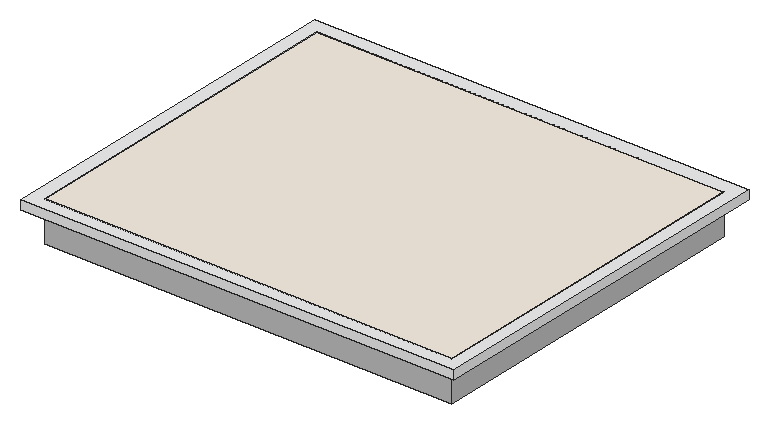
Revit family "Lighting-Industriale-GEWISS-ELIA-HL-LED_RIFLETTORE", category Apparecchi per illuminazione, host Superficie, Revit 2019 (continued)
Types (12, lengths in mm): name | Tensione | Scheda Tecnica | Potenza di sistema | Peso (kg): | Peso (kg) | Ottica | built-in parameter 1150142 | Lumen output (lm) | Modello | IDT | File diagramma fotometrico | Description
     436.18 \r\n410.76 386.96 364.36 342.97 323.07 304.10 285.68 267.10 \r\n246.81 226.65 208.11 190.53 173.87 157.85 142.13 126.90 \r\n112.25 98.18 84.63 71.80 59.88 48.88 38.80 29.70 21.44 \r\n14.57 9.76 6.59 4.86 4.63 \r\n13471.52 13472.86 13475.55 13478.24 13482.28 13486.31 \r\n13493.04 13501.11 13509.18 13518.59 13528.01 13538.77 \r\n13550.87 13562.98 13577.77 13589.88 13603.33 13619.47 \r\n13634.26 13650.40 13666.54 13682.68 13697.48 13710.93 \r\n13727.07 13741.86 13755.31 13768.76 13779.52 13791.63 \r\n13801.04 13810.46 13817.18 13822.56 13823.91 13823.91 \r\n13819.87 13813.15 13805.08 13791.63 13776.83 13758.00 \r\n13736.48 13712.27 13682.68 13651.75 13616.78 13577.77 \r\n13533.39 13486.31 13435.20 13380.06 13318.19 13253.63 \r\n13181.00 13104.33 13019.60 12928.14 12828.61 12719.66 \r\n12601.30 12474.87 12337.68 12191.08 12032.37 11864.24 \r\n11686.70 11502.44 11306.07 11098.94 10874.32 10628.19 \r\n10360.53 10071.36 9768.73 9471.49 9172.90 8875.65 8582.44 \r\n8297.30 8021.58 7753.92 7497.03 7245.51 7004.76 6780.14 \r\n6568.98 6365.89 6166.82 5973.15 5783.50 5592.51 5405.55 \r\n5225.32 5051.82 4885.04 4723.64 4564.93 4411.60 4260.96 \r\n4118.39 3981.20 3848.05 3714.89 3585.77 3460.68 3339.63 \r\n3222.62 3108.29 2993.97 2879.64 2766.66 2655.43 2546.49 \r\n2440.37 2338.01 2238.48 2140.70 2047.22 1960.07 1878.83 \r\n1804.18 1734.78 1669.41 1606.87 1546.48 1486.76 1425.57 \r\n1364.91 1305.86 1247.49 1188.04 1130.47 1078.15 1027.98 \r\n976.47 926.57 880.17 836.59 796.11 757.77 720.65 684.60 \r\n649.50 615.47 583.06 551.99 521.86 492.81 463.22 434.97 \r\n409.82 386.28 363.69 342.44 322.53 303.57 285.01 266.11 \r\n245.79 225.70 207.41 190.09 173.49 157.46 141.74 126.52 \r\n111.94 97.94 84.44 71.66 59.77 48.78 38.72 29.66 21.44 \r\n14.61 9.81 6.64 4.89 4.64 \r\n13471.52 13472.86 13475.55 13478.24 13482.28 13486.31 \r\n13493.04 13501.11 13509.18 13518.59 13528.01 13538.77 \r\n13550.87 13561.63 13576.43 13589.88 13603.33 13618.12 \r\n13634.26 13649.06 13665.20 13679.99 13696.13 13710.93 \r\n13725.72 13740.52 13753.97 13767.42 13779.52 13790.28 \r\n13801.04 13809.11 13817.18 13822.56 13823.91 13823.91 \r\n13821.22 13814.49 13806.42 13794.32 13779.52 13762.04 \r\n13740.52 13716.31 13688.06 13657.13 13623.50 13584.50 \r\n13540.11 13494.38 13443.27 13389.47 13327.60 13264.39 \r\n13193.10 13116.44 13033.05 12941.59 12843.40 12735.80 \r\n12620.13 12495.05 12357.86 12211.25 12055.23 11888.45 \r\n11712.26 11526.65 11331.62 11124.49 10903.91 10659.12 \r\n10392.81 10102.29 9799.67 9501.08 9201.14 8903.90 8609.34 \r\n8318.82 8039.06 7768.72 7507.79 7254.93 7012.83 6786.87 \r\n6573.01 6367.23 6169.51 5975.84 5788.88 5596.55 5408.24 \r\n5223.98 5047.78 4881.00 4720.95 4560.90 4406.22 4256.93 \r\n4113.01 3974.47 3841.32 3708.16 3580.39 3455.30 3335.60 \r\n3218.59 3104.26 2991.28 2878.30 2765.32 2653.28 2542.99 \r\n2435.39 2331.83 2231.76 2135.05 2043.06 1956.44 1875.47 \r\n1800.95 1731.15 1665.65 1602.97 1542.18 1482.32 1421.26 \r\n1360.60 1301.56 1243.18 1184.00 1126.84 1075.46 1025.70 \r\n974.18 924.01 877.48 833.90 793.95 756.16 719.17 683.39 \r\n648.02 613.86 581.85 551.18 521.19 492.00 462.14 433.76 \r\n408.75 385.48 363.28 342.03 322.13 303.03 284.06 265.05 \r\n244.72 224.76 206.74 189.67 173.10 157.06 141.35 126.16 \r\n111.65 97.73 84.28 71.55 59.68 48.70 38.68 29.64 21.46 \r\n14.67 9.87 6.69 4.93 4.66 \r\n13471.52 13472.86 13475.55 13478.24 13482.28 13486.31 \r\n13493.04 13501.11 13509.18 13517.25 13528.01 13537.42 \r\n13549.53 13561.63 13576.43 13589.88 13601.98 13618.12 \r\n13632.92 13647.71 13663.85 13678.65 13694.79 13709.58 \r\n13724.38 13739.17 13753.97 13766.07 13778.18 13790.28 \r\n13801.04 13809.11 13817.18 13821.22 13825.25 13825.25 \r\n13822.56 13815.84 13807.77 13797.01 13783.56 13764.73 \r\n13745.90 13720.34 13693.44 13662.51 13628.88 13589.88 \r\n13548.18 13501.11 13450.00 13396.20 13337.02 13273.80 \r\n13203.86 13127.20 13045.15 12955.04 12858.20 12751.94 \r\n12637.62 12512.53 12378.03 12231.43 12078.10 11911.32 \r\n11735.12 11550.86 11357.18 11152.74 10929.47 10687.37 \r\n10422.40 10133.23 9831.95 9532.01 9230.73 8932.14 8636.24 \r\n8341.69 8053.86 7782.17 7521.24 7264.34 7020.90 6792.25 \r\n6575.70 6368.57 6172.20 5979.87 5791.57 5599.23 5409.59 \r\n5223.98 5045.10 4879.66 4719.60 4558.20 4400.84 4251.55 \r\n4107.63 3970.44 3837.28 3704.13 3576.35 3452.61 3331.56 \r\n3215.89 3102.91 2989.93 2876.95 2763.97 2651.94 2540.17 \r\n2431.09 2326.31 2225.71 2130.08 2039.42 1953.48 1872.64 \r\n1798.00 1728.19 1662.29 1599.34 1538.14 1477.89 1416.96 \r\n1356.43 1297.25 1238.74 1179.97 1123.34 1072.64 1023.54 \r\n971.90 921.73 875.19 831.75 791.94 754.54 717.83 681.91 \r\n646.54 612.38 580.77 550.37 520.65 491.33 461.20 432.69 \r\n407.80 384.94 362.88 341.63 321.72 302.49 283.26 263.97 \r\n243.69 223.90 206.12 189.27 172.71 156.64 140.94 125.80 \r\n111.37 97.53 84.16 71.47 59.64 48.66 38.66 29.63 21.50 \r\n14.74 9.94 6.74 4.97 4.67 \r\n13471.52 13472.86 13475.55 13478.24 13482.28 13486.31 \r\n13493.04 13501.11 13507.83 13517.25 13525.32 13537.42 \r\n13548.18 13561.63 13575.08 13588.53 13601.98 13616.78 \r\n13631.57 13647.71 13662.51 13678.65 13693.44 13709.58 \r\n13724.38 13737.83 13751.28 13764.73 13778.18 13788.94 \r\n13799.70 13809.11 13817.18 13822.56 13823.91 13825.25 \r\n13823.91 13817.18 13810.46 13799.70 13784.90 13768.76 \r\n13748.59 13724.38 13697.48 13667.89 13634.26 13596.60 \r\n13554.91 13509.18 13458.07 13404.27 13346.43 13283.22 \r\n13214.62 13140.65 13058.60 12968.49 12872.99 12769.43 \r\n12653.76 12531.36 12396.86 12252.95 12098.27 11932.84 \r\n11757.99 11575.07 11382.73 11176.95 10956.37 10714.27 \r\n10451.99 10164.16 9861.54 9560.26 9257.63 8959.04 8661.80 \r\n8361.86 8072.69 7795.62 7530.65 7273.76 7027.62 6797.63 \r\n6579.74 6371.26 6172.20 5981.21 5794.26 5601.92 5409.59 \r\n5222.64 5042.40 4876.97 4716.91 4555.51 4399.49 4248.85 \r\n4104.94 3966.40 3834.60 3701.44 3573.66 3449.92 3328.88 \r\n3214.55 3101.57 2989.93 2876.95 2763.97 2651.26 2538.15 \r\n2427.46 2321.60 2220.59 2125.91 2036.20 1950.92 1870.49 \r\n1795.71 1725.63 1659.33 1595.98 1534.51 1473.85 1412.92 \r\n1352.53 1293.22 1234.71 1176.20 1119.98 1069.81 1021.26 \r\n969.74 919.44 872.91 829.60 790.05 752.80 716.35 680.70 \r\n645.20 611.03 579.56 549.57 519.84 490.52 460.39 431.75 \r\n407.13 384.54 362.34 341.23 321.32 301.95 282.45 262.93 \r\n242.75 223.14 205.58 188.92 172.35 156.22 140.55 125.45 \r\n111.10 97.34 84.04 71.42 59.60 48.66 38.66 29.64 21.55 \r\n14.83 10.02 6.80 5.00 4.69 \r\n13471.52 13472.86 13475.55 13478.24 13482.28 13486.31 \r\n13493.04 13501.11 13507.83 13517.25 13525.32 13536.08 \r\n13548.18 13561.63 13573.74 13587.19 13601.98 13615.43 \r\n13630.23 13645.02 13661.16 13675.96 13693.44 13706.89 \r\n13721.69 13736.48 13751.28 13764.73 13775.49 13788.94 \r\n13798.35 13807.77 13815.84 13822.56 13823.91 13825.25 \r\n13823.91 13819.87 13810.46 13801.04 13787.59 13771.45 \r\n13751.28 13728.41 13701.51 13673.27 13640.99 13601.98 \r\n13560.29 13514.56 13464.79 13410.99 13354.50 13292.63 \r\n13224.04 13150.06 13069.36 12981.94 12886.44 12784.22 \r\n12671.24 12547.50 12414.35 12271.78 12118.45 11954.36 \r\n11780.85 11597.93 11405.60 11201.16 10981.92 10741.17 \r\n10481.58 10193.75 9892.47 9589.85 9285.88 8984.60 8686.01 \r\n8383.38 8087.48 7807.72 7541.41 7281.83 7034.35 6801.66 \r\n6582.43 6372.61 6172.20 5982.56 5795.60 5603.27 5409.59 \r\n5221.29 5041.06 4874.28 4715.57 4554.17 4396.80 4246.16 \r\n4102.25 3965.06 3831.90 3701.44 3573.66 3448.58 3328.88 \r\n3213.20 3101.57 2989.93 2876.95 2763.97 2651.26 2537.07 \r\n2425.03 2318.11 2216.69 2122.54 2033.91 1949.17 1869.01 \r\n1794.23 1723.75 1656.91 1593.15 1531.01 1470.22 1409.29 \r\n1348.90 1289.32 1230.67 1172.57 1116.89 1067.12 1018.84 \r\n967.59 917.42 871.16 827.71 788.44 751.18 714.87 679.49 \r\n643.85 609.69 578.48 548.63 519.04 489.71 459.59 430.80 \r\n406.32 384.00 361.94 340.96 320.92 301.41 281.78 262.01 \r\n241.94 222.54 205.15 188.61 172.04 155.86 140.19 125.14 \r\n110.85 97.18 83.94 71.38 59.61 48.68 38.67 29.66 21.61 \r\n14.93 10.11 6.86 5.05 4.71 \r\n13471.52 13472.86 13475.55 13478.24 13482.28 13486.31 \r\n13493.04 13501.11 13507.83 13517.25 13526.66 13536.08 \r\n13548.18 13561.63 13573.74 13587.19 13600.64 13615.43 \r\n13630.23 13645.02 13658.47 13675.96 13692.10 13706.89 \r\n13720.34 13736.48 13749.93 13763.38 13775.49 13787.59 \r\n13798.35 13806.42 13814.49 13821.22 13823.91 13825.25 \r\n13823.91 13819.87 13810.46 13802.39 13788.94 13771.45 \r\n13752.62 13731.10 13704.20 13677.30 13645.02 13606.02 \r\n13565.67 13519.94 13471.52 13420.41 13362.57 13300.70 \r\n13234.80 13160.82 13081.47 12994.04 12901.24 12797.67 \r\n12686.04 12563.64 12431.83 12289.26 12137.28 11974.53 \r\n11801.03 11619.45 11428.46 11225.37 11007.48 10769.41 \r\n10511.17 10226.03 9927.44 9619.44 9310.09 9006.12 8703.49 \r\n8399.52 8100.93 7821.17 7549.48 7288.55 7038.38 6804.35 \r\n6583.77 6372.61 6172.20 5977.18 5788.88 5595.20 5405.55 \r\n5219.94 5041.06 4875.63 4716.91 4556.86 4402.18 4252.89 \r\n4107.63 3969.10 3835.94 3704.13 3576.35 3452.61 3331.56 \r\n3217.24 3104.26 2992.63 2879.64 2765.32 2652.74 2537.75 \r\n2425.44 2319.32 2218.58 2123.76 2034.18 1949.58 1869.68 \r\n1794.63 1723.62 1656.10 1591.40 1528.86 1467.66 1406.60 \r\n1346.21 1286.76 1228.12 1170.15 1114.60 1064.70 1016.42 \r\n965.58 915.81 869.81 826.77 787.09 749.70 713.12 677.61 \r\n642.37 608.34 577.00 546.88 517.15 487.97 458.24 430.13 \r\n405.79 383.46 361.67 340.55 320.51 300.74 281.10 261.64 \r\n241.83 222.65 205.26 188.62 171.93 155.66 139.99 124.95 \r\n110.71 97.10 83.93 71.41 59.66 48.77 38.76 29.72 21.71 \r\n15.05 10.21 6.93 5.09 4.73 \r\n13471.52 13472.86 13475.55 13478.24 13482.28 13487.66 \r\n13491.69 13499.76 13507.83 13515.90 13525.32 13536.08 \r\n13546.84 13560.29 13572.39 13585.84 13600.64 13614.09 \r\n13628.88 13643.68 13658.47 13674.61 13690.75 13705.55 \r\n13719.00 13735.14 13748.59 13762.04 13774.14 13786.25 \r\n13797.01 13806.42 13813.15 13819.87 13822.56 13825.25 \r\n13823.91 13819.87 13811.80 13802.39 13790.28 13774.14 \r\n13755.31 13732.45 13706.89 13678.65 13647.71 13611.40 \r\n13569.70 13526.66 13478.24 13427.13 13370.64 13308.77 \r\n13242.87 13170.24 13090.88 13006.15 12912.00 12809.78 \r\n12699.49 12578.44 12447.97 12305.40 12153.42 11992.02 \r\n11821.20 11639.63 11447.29 11248.23 11030.34 10794.97 \r\n10539.42 10256.97 9959.72 9649.03 9332.95 9026.29 8720.98 \r\n8412.97 8114.38 7831.93 7558.90 7293.93 7042.42 6807.04 \r\n6585.12 6373.95 6170.86 5973.15 5779.46 5587.13 5397.48 \r\n5215.91 5039.71 4875.63 4716.91 4560.90 4407.56 4258.27 \r\n4114.35 3975.82 3842.66 3709.51 3581.74 3456.65 3336.94 \r\n3221.27 3109.64 2995.31 2882.34 2768.01 2654.49 2539.36 \r\n2426.92 2321.60 2221.54 2125.64 2034.99 1950.52 1871.03 \r\n1795.71 1724.16 1655.69 1590.19 1527.11 1465.65 1404.45 \r\n1344.06 1284.47 1225.97 1168.13 1112.72 1062.42 1013.73 \r\n963.56 914.60 869.00 826.10 786.02 747.95 711.37 676.00 \r\n640.89 607.00 575.39 545.13 515.27 485.95 457.03 429.46 \r\n405.38 382.92 361.27 340.28 320.11 300.20 280.70 261.41 \r\n241.88 222.93 205.49 188.70 171.89 155.54 139.83 124.79 \r\n110.60 97.03 83.91 71.43 59.74 48.86 38.84 29.81 21.80 \r\n15.16 10.31 7.01 5.14 4.76 \r\n13471.52 13472.86 13475.55 13478.24 13482.28 13487.66 \r\n13493.04 13499.76 13506.49 13515.90 13525.32 13534.73 \r\n13546.84 13558.94 13572.39 13585.84 13599.29 13612.74 \r\n13627.54 13642.33 13657.13 13673.27 13689.41 13702.86 \r\n13717.65 13733.79 13747.24 13760.69 13774.14 13784.90 \r\n13795.66 13805.08 13811.80 13818.53 13821.22 13823.91 \r\n13822.56 13818.53 13811.80 13802.39 13790.28 13774.14 \r\n13756.66 13735.14 13709.58 13681.34 13650.40 13615.43 \r\n13575.08 13530.70 13484.97 13433.86 13377.37 13318.19 \r\n13252.28 13179.65 13101.64 13016.91 12924.10 12823.23 \r\n12711.59 12591.89 12462.77 12322.89 12170.90 12010.85 \r\n11838.69 11658.46 11466.12 11267.06 11053.21 10819.18 \r\n10566.32 10286.56 9990.66 9675.93 9355.82 9043.78 8735.77 \r\n8427.77 8126.49 7841.35 7566.97 7299.31 7045.11 6809.73 \r\n6586.46 6373.95 6169.51 5967.76 5770.05 5577.71 5390.76 \r\n5211.88 5041.06 4875.63 4718.26 4564.93 4412.94 4264.99 \r\n4122.43 3983.89 3848.05 3714.89 3585.77 3462.03 3342.32 \r\n3226.65 3113.67 2999.35 2885.02 2770.70 2656.91 2541.24 \r\n2428.80 2324.56 2225.03 2128.19 2036.46 1952.00 1872.78 \r\n1797.19 1725.10 1655.69 1589.25 1525.90 1464.17 1402.70 \r\n1342.31 1282.59 1224.08 1166.25 1110.97 1060.13 1011.31 \r\n961.67 913.52 868.47 825.70 785.21 746.61 709.76 674.25 \r\n639.55 605.92 574.05 543.38 513.39 484.33 455.82 429.05 \r\n404.98 382.65 360.86 340.02 319.57 299.67 280.30 261.32 \r\n242.10 223.36 205.81 188.82 171.88 155.43 139.71 124.68 \r\n110.52 96.99 83.90 71.46 59.83 48.98 38.94 29.89 21.90 \r\n15.28 10.41 7.08 5.19 4.78 \r\n13471.52 13472.86 13475.55 13478.24 13482.28 13487.66 \r\n13493.04 13499.76 13506.49 13515.90 13525.32 13536.08 \r\n13545.49 13558.94 13571.05 13584.50 13597.95 13612.74 \r\n13626.19 13640.99 13655.78 13670.58 13688.06 13701.51 \r\n13717.65 13731.10 13745.90 13759.35 13772.80 13783.56 \r\n13794.32 13803.73 13811.80 13817.18 13821.22 13822.56 \r\n13821.22 13817.18 13811.80 13802.39 13791.63 13775.49 \r\n13758.00 13735.14 13710.93 13684.03 13653.09 13618.12 \r\n13579.12 13536.08 13489.00 13437.89 13384.09 13324.91 \r\n13260.35 13189.07 13111.06 13027.67 12934.86 12833.99 \r\n12722.35 12605.34 12477.56 12337.68 12185.70 12025.64 \r\n11854.83 11674.60 11483.61 11284.55 11073.38 10842.04 \r\n10590.53 10314.80 10020.25 9701.48 9374.65 9059.92 \r\n8749.22 8439.87 8137.25 7848.07 7572.35 7303.35 7047.80 \r\n6812.42 6589.15 6375.30 6168.17 5962.39 5761.98 5569.65 \r\n5385.38 5209.18 5041.06 4876.97 4719.60 4567.62 4419.67 \r\n4271.72 4129.15 3990.61 3854.77 3721.61 3591.15 3467.41 \r\n3347.70 3232.03 3119.05 3002.04 2887.71 2773.39 2659.20 \r\n2543.66 2431.36 2327.79 2228.80 2131.02 2037.94 1953.61 \r\n1874.53 1798.80 1726.17 1656.10 1588.85 1524.83 1462.96 \r\n1401.36 1340.83 1281.11 1222.61 1164.77 1109.22 1057.98 \r\n1008.88 959.93 912.45 867.93 825.56 784.54 745.40 708.28 \r\n672.90 638.47 604.98 572.97 541.90 511.77 482.72 455.01 \r\n428.92 404.98 382.38 360.73 339.88 319.30 299.26 280.16 \r\n261.33 242.44 223.90 206.20 188.99 171.90 155.36 139.61 \r\n124.61 110.46 96.95 83.90 71.50 59.89 49.08 39.02 29.94 \r\n21.98 15.39 10.50 7.14 5.24 4.80 \r\n13471.52 13472.86 13475.55 13478.24 13480.93 13486.31 \r\n13493.04 13498.42 13506.49 13514.56 13523.97 13534.73 \r\n13545.49 13557.60 13571.05 13583.15 13597.95 13611.40 \r\n13624.85 13639.64 13654.44 13669.23 13685.37 13701.51 \r\n13716.31 13729.76 13744.55 13758.00 13771.45 13782.21 \r\n13792.97 13803.73 13810.46 13815.84 13819.87 13821.22 \r\n13819.87 13817.18 13810.46 13802.39 13790.28 13775.49 \r\n13758.00 13737.83 13713.62 13686.72 13655.78 13622.16 \r\n13583.15 13540.11 13494.38 13444.62 13389.47 13331.64 \r\n13267.08 13195.79 13119.13 13035.74 12944.28 12843.40 \r\n12734.46 12616.10 12489.67 12349.79 12200.49 12039.09 \r\n11869.62 11689.39 11498.40 11302.03 11090.87 10862.22 \r\n10612.05 10340.36 10047.15 9725.69 9394.82 9074.71 \r\n8759.98 8447.94 8145.32 7856.14 7577.73 7307.38 7051.83 \r\n6813.77 6591.84 6375.30 6166.82 5957.00 5755.25 5562.92 \r\n5378.65 5206.49 5041.06 4876.97 4720.95 4570.31 4425.05 \r\n4278.44 4135.88 3997.34 3861.49 3726.99 3596.53 3472.79 \r\n3351.74 3236.07 3121.74 3007.42 2891.75 2776.08 2661.62 \r\n2546.09 2434.05 2331.02 2232.30 2133.57 2039.56 1955.36 \r\n1876.54 1800.55 1727.52 1656.64 1588.58 1524.42 1462.15 \r\n1400.41 1339.75 1279.90 1221.26 1163.42 1107.74 1055.96 \r\n1006.60 958.18 911.78 867.93 825.56 784.00 744.19 707.07 \r\n671.83 637.53 604.44 572.03 540.69 510.56 481.64 454.48 \r\n429.05 405.25 382.38 360.59 339.75 318.90 298.86 279.89 \r\n261.47 242.85 224.51 206.63 189.16 171.94 155.31 139.54 \r\n124.56 110.41 96.92 83.89 71.53 59.96 49.16 39.07 29.97 \r\n22.05 15.49 10.59 7.20 5.27 4.82 \r\n13471.52 13472.86 13475.55 13478.24 13480.93 13486.31 \r\n13493.04 13498.42 13506.49 13514.56 13525.32 13534.73 \r\n13545.49 13557.60 13569.70 13584.50 13597.95 13611.40 \r\n13624.85 13639.64 13653.09 13669.23 13684.03 13700.17 \r\n13713.62 13729.76 13744.55 13758.00 13770.11 13782.21 \r\n13791.63 13802.39 13809.11 13814.49 13818.53 13821.22 \r\n13819.87 13817.18 13810.46 13802.39 13790.28 13775.49 \r\n13758.00 13737.83 13714.96 13688.06 13657.13 13623.50 \r\n13587.19 13544.15 13498.42 13448.65 13394.85 13337.02 \r\n13272.46 13202.52 13125.85 13043.81 12952.35 12851.47 \r\n12743.87 12626.86 12501.77 12361.89 12211.25 12051.20 \r\n11881.73 11702.84 11511.85 11316.8
